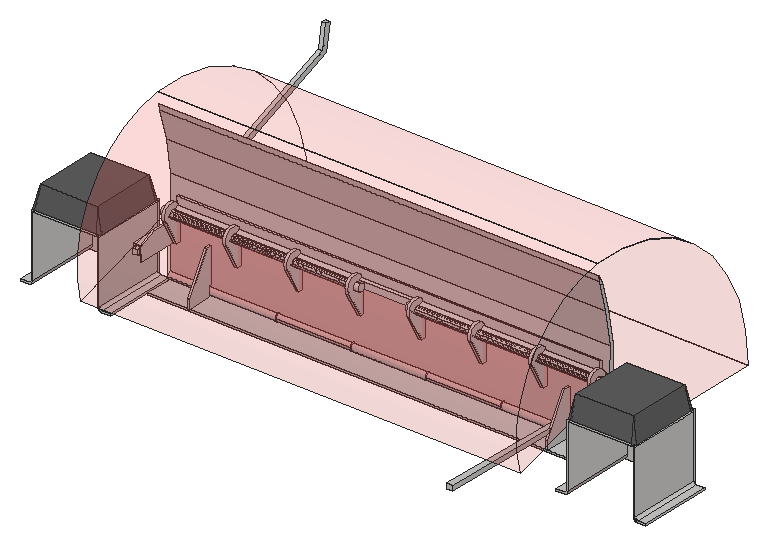
Revit family "Loading-Equipment_Dock-levellers_Wayne-Dalton_Edge-dock-leveler", category Specialty Equipment, host Face, Revit 2020
Family settings
  Host = Face
  Round Connector Dimension = Use Diameter
  Part Type = Normal
  OmniClass Number = 23.50.70.14.14
  Cut with Voids When Loaded = No
  Shared = No
  Room Calculation Point = No
Parameters (values of type "78in Wide – Extension Spring – Retractable Pole")
  Width = 6' - 6"
  URL = "https://www.wayne-dalton.com/"
  Top Plate Material = Metal - Wayne Dalton - Steel Checker Plate
  Shaft Angle Real [instance] = if(Shaft Angle < 0.00°, 0.00°, if(Shaft Angle > 90.00°, 90.00°, Shaft Angle))  # 0.00°
  Shaft Angle [instance] = 0.00°
  Product data url = "https://www.bimobject.com/en/wayne-dalton/product/edge-of-dock-leveler"
  Product Page URL = "https://www.wayne-dalton.com/dock-equipment/edge-of-dock"
  Product Guid = ""
  Pole Visibility [instance] = yes
  Mount Type [instance] = if(Mount < 2, "Embed", if(Mount = 2, "Formed angle", if(Mount = 3, "Face", "Transition plate")))  # "Face"
  Mount [instance] = 3  # constant formula
  Model = "Edge Dock E78WD"
  Manufacturer = "Wayne Dalton"  # constant formula
  Main Material = Metal - Wayne Dalton - Steel
  Lip Type [instance] = if(Lip < 2, "15in (box projection 16in)", "17in (box projection 18in)")  # "15in (box projection 16in)"
  Lip Angle [instance] = 0.00°
  Lip [instance] = 1
  Description = "Wayne Dalton DaltonDock™ Edge of Dock Leveler provides smooth, safe path for loading docks and trailers."  # constant formula
  Default Elevation = 4' - 0"
  Clearance [instance] = yes
  Capacity Type [instance] = if(Capacity < 2, "20k", if(Capacity = 2, "25k", "30k"))  # "20k"
  Capacity [instance] = 1
  C-chanel vis [instance] = if(Mount < 2, 1 < 2, 1 > 2)  # no
Types (4): name | Width | Model
  (no name) | 6' - 6" | "Edge Dock E78WD"
  66in Wide – Extension Spring – Retractable Pole | 5' - 6" | "Edge Dock E66WD"
  72in Wide – Extension Spring – Retractable Pole | 6' - 0" | "Edge Dock E72WD"
  78in Wide – Extension Spring – Retractable Pole | 6' - 6" | "Edge Dock E78WD"
Reference planes (in)
  plane 1 "Center (Front/Back)": y = 0
  plane 2: z = 0
  plane 3 "Center (Left/Right)": x = 0
  plane 4: x = -39
  plane 5: x = 39
  plane 6: x = -47.50001
  plane 7: x = 47.5
  plane 8: x = 55.50001
  plane 9: x = -55.5
  plane 10: x = -32
  plane 11: x = 32
  plane 12: x = -33.25
  plane 13: x = -19.95
  plane 14: x = -6.65
  plane 15: x = 6.65
  plane 16: x = 19.95
  plane 17: x = 33.25
  plane 18: z = 0.9375
  plane 19: y = -0.375
Forms (in)
  Extrusion 1, solid, material "Metal - Wayne Dalton - Steel" <- "Main Material", visible <- "C-chanel vis"
    sketch origin (0, 0, 0) x (0, 1, 0) y (0, 0, 1)
      loop
        line (0, 0) -> (-8.01385, 0) -> (-8.01385, -1.5)
        arc (-8.01385, -1.5) -> (-7.90361, -1.48024) -> (-7.84326, -1.38589) r 0.13978
        line (-7.84326, -1.38589) -> (-7.68903, -0.41067)
        arc (-7.68903, -0.41067) -> (-7.62464, -0.29564) -> (-7.50095, -0.25) r 0.19042
        line (-7.50095, -0.25) -> (-0.5129, -0.25)
        arc (-0.5129, -0.25) -> (-0.38922, -0.29564) -> (-0.32482, -0.41067) r 0.19042
        line (-0.32482, -0.41067) -> (-0.17059, -1.38589)
        arc (-0.17059, -1.38589) -> (-0.11024, -1.48024) -> (0, -1.5) r 0.13978
        line (0, -1.5) -> (0, 0)
    from -55.5 to 55.50001
  Extrusion 2, solid, material "Metal - Wayne Dalton - Steel" <- "Main Material"
    sketch origin (0, 0, 0) x (0, 1, 0) y (0, 0, 1)
      loop
        line (-0.25, 0.3125) -> (-5.5, 0.3125) -> (-5.5, 0) -> (-0.25, 0) -> (-0.25, 0.3125)
    from -39 to 39
  Extrusion 3, solid, material "Metal - Wayne Dalton - Steel" <- "Main Material"
    sketch origin (0, 0, 0) x (0, 1, 0) y (0, 0, 1)
      loop
        line (-0.75, 8.3125) -> (-1.75, 8.3125) -> (-5.5, 1.8125) -> (-5.5, 0.3125) -> (-1.125, 0.3125) -> (-1.125, 1.93734) -> (-1, 2.15401) -> (-0.75, 2.1875) -> (-0.75, 8.3125)
    from -32 to -31.625
  Extrusion 4, solid, material "Metal - Wayne Dalton - Steel" <- "Main Material"
    sketch origin (0, 0, 0) x (0, 1, 0) y (0, 0, -1)
      loop
        line (-0.75, -8.3125) -> (-0.75, -2.1875) -> (-1, -2.15401) -> (-1.125, -1.93734) -> (-1.125, -0.3125) -> (-5.5, -0.3125) -> (-5.5, -1.8125) -> (-1.75, -8.3125) -> (-0.75, -8.3125)
    from -32 to -31.625
  Extrusion 5, solid, material "Metal - Wayne Dalton - Steel" <- "Main Material"
    sketch origin (0, 0, 0) x (0, 1, 0) y (0, 0, 1)
      loop
        line (-26.23941, 3.63613) -> (-26.2541, 2.76126) -> (-2.17659, 2.35103) -> (-2.17659, 3.22729) -> (-26.23941, 3.63613)
    from 30.625 to 31.625
  Extrusion 6, solid, material "Metal - Wayne Dalton - Steel" <- "Main Material"
    sketch origin (0, 0, 0) x (0, 1, 0) y (0, 0, 1)
      loop
        circle (-0.375, 0.9375) r 0.62941
    from -39 to 39
  Extrusion 7, void
    sketch origin (0, 0, 0) x (1, 0, 0) y (0, 0, 1)
      loop
        line (-33.25, 0) -> (-19.95, 0) -> (-19.95, 2.84462) -> (-33.25, 2.84462) -> (-33.25, 0)
      loop
        line (-6.65, 0) -> (6.65, 0) -> (6.65, 2.84462) -> (-6.65, 2.84462) -> (-6.65, 0)
      loop
        line (19.95, 0) -> (33.25, 0) -> (33.25, 2.84462) -> (19.95, 2.84462) -> (19.95, 0)
    from -4.87956 to 8.01385
  Extrusion 8, solid, material "Clearance - Wayne Dalton - Red", visible <- "Clearance"
    sketch origin (0, 0, 0) x (0, 1, 0) y (0, 0, 1)
      loop
        line (-0.99096, 0.55272) -> (30.12015, 0.55272)
        arc (30.12015, 0.55272) -> (20.27848, 23.37712) -> (-3.28207, 31.29621) r 30.49758
        arc (-3.28207, 31.29621) -> (-17.86791, 22.358) -> (-20.39644, 5.43923) r 20.23892
        line (-20.39644, 5.43923) -> (-0.99096, 11.18739) -> (-0.99096, 0.55272)
    from -39 to 39
Cuts and joins
  Extrusion 7 cuts Extrusion 6
Lines and regions (in)
  Masking region 1, visible <- "C-chanel vis"
    outline origin (0, 0, 0) x (1, 0, 0) y (0, 0, 1)
      loop
        line (-55.5, 0) -> (-55.5, -1.5) -> (55.50001, -1.5) -> (55.50001, 0) -> (-55.5, 0)
  Masking region 2
    outline origin (0, 0, 0) x (1, 0, 0) y (0, 0, 1)
      loop
        line (39, 0.3125) -> (-39, 0.3125) -> (-39, 0) -> (39, 0) -> (39, 0.3125)
  Masking region 3
    outline origin (0, 0, 0) x (1, 0, 0) y (0, 0, 1)
      loop
        line (33.25, 1.4437) -> (33.25, 0.3125) -> (39, 0.3125) -> (39, 1.4437) -> (33.25, 1.4437)
      loop
        line (6.65, 1.4437) -> (6.65, 0.30809) -> (19.95, 0.30809) -> (19.95, 1.4437) -> (6.65, 1.4437)
      loop
        line (-19.95, 1.4437) -> (-19.95, 0.30809) -> (-6.65, 0.30809) -> (-6.65, 1.4437) -> (-19.95, 1.4437)
      loop
        line (-39, 1.4437) -> (-39, 0.30809) -> (-33.25, 0.30809) -> (-33.25, 1.4437) -> (-39, 1.4437)
  reference lines
    curve 1: line (0, -0.375, 0.9375) -> (0, -0.375, 18.9375)
Dimensions and locks (in)
  equal spacing: plane 4, plane 3 "Center (Left/Right)", plane 5
  "Width": plane 4 to plane 5
  plane 9 to plane 6 to plane 4 = 0' - 8" locked, 0' - 8 1/2" locked
  plane 5 to plane 7 to plane 8 = 0' - 8 1/2" locked, 0' - 8"
  locked: plane 4 to plane 10 at 7
  locked: plane 10 to Extrusion 3 at 0.375
  locked: plane 11 to Extrusion 4 at 0.375
  locked: plane 11 to plane 5 at 7
  locked: Extrusion 5 to plane 11 at 1.375
  locked: plane 17 to plane 5 at 5.75
  locked: plane 4 to plane 12 at 5.75
  equal spacing: plane 12, plane 13, plane 14, plane 15, plane 16, plane 17
  locked: plane 1 "Center (Front/Back)" to plane 19 at 0.375
  locked: plane 18 to level at 0.9375
  "Shaft Angle Real": angle plane 19 to curve 1
  aligned and locked: host face to plane 2
  aligned and locked: host face to level
  aligned and locked: plane 8 to Extrusion 1
  aligned and locked: plane 9 to Extrusion 1
  aligned and locked: Extrusion 2 to plane 4
  aligned and locked: plane 5 to Extrusion 2
  aligned and locked: Extrusion 5 to Extrusion 4
  aligned and locked: plane 10 to Extrusion 3
  aligned and locked: plane 11 to Extrusion 4
  aligned and locked: Extrusion 6 to plane 4
  aligned and locked: plane 5 to Extrusion 6
  aligned and locked: plane 12 to Extrusion 7 sketch curve
  aligned and locked: Extrusion 7 sketch curve to plane 13
  aligned and locked: plane 14 to Extrusion 7 sketch curve
  aligned and locked: Extrusion 7 sketch curve to plane 15
  aligned and locked: plane 16 to Extrusion 7 sketch curve
  aligned and locked: Extrusion 7 sketch curve to plane 17
  aligned and locked: plane 18 to curve 1
  aligned and locked: plane 19 to curve 1
  aligned and locked: nested 1 to curve 1
  aligned and locked: nested 2 to plane 6
  aligned and locked: nested 3 to plane 7
  aligned and locked: Extrusion 8 to plane 4
  aligned and locked: plane 5 to Extrusion 8
  aligned and locked: Masking region 1 sketch curve to Extrusion 1  (x4)
  aligned and locked: Masking region 2 sketch curve to Extrusion 2  (x2)
  aligned and locked: Extrusion 2 to Masking region 2 sketch curve
  aligned and locked: plane 5 to Masking region 2 sketch curve
  aligned and locked: nested 1 to Masking region 3 sketch curve  (x3)
  aligned and locked: Masking region 3 sketch curve to nested 1  (x3)
  aligned and locked: Masking region 3 sketch curve to Extrusion 2  (x2)
  aligned and locked: Masking region 3 sketch curve to plane 15
  aligned and locked: cut or joined group of Extrusion 6, Extrusion 7 to Masking region 3 sketch curve  (x3)
  aligned and locked: Masking region 3 sketch curve to plane 13
  aligned and locked: Masking region 3 sketch curve to Masking region 3 sketch curve
Automatic sketch dimensions
  host sketch curve to host sketch curve = 15' - 7.1098"
  host sketch curve to host sketch curve = 8' - 0"
  Extrusion 1 sketch curve to level = 0' - 0"
  Extrusion 1 sketch curve to plane 1 "Center (Front/Back)" = 0' - 0"
  plane 1 "Center (Front/Back)" to Extrusion 1 sketch curve = 0' - 0.03253"
  Extrusion 1 sketch curve to Extrusion 1 sketch curve = 0' - 0.13806"  (x2)
  plane 1 "Center (Front/Back)" to Extrusion 1 sketch curve = 0' - 0.32482"
  Extrusion 1 sketch curve to Extrusion 1 sketch curve = 0' - 0.18808"  (x2)
  Extrusion 1 sketch curve to level = 0' - 0.44042"
  Extrusion 1 sketch curve to Extrusion 1 sketch curve = 0' - 6.98806"
  Extrusion 1 sketch curve to level = 0' - 0.41067"
  Extrusion 1 sketch curve to level = 0' - 1.38589"
  Extrusion 1 sketch curve to Extrusion 1 sketch curve = 0' - 0.15423"
  Extrusion 1 sketch curve to Extrusion 1 sketch curve = 0' - 0.32482"
  Extrusion 1 sketch curve to Extrusion 1 sketch curve = 0' - 1.13589"
  Extrusion 1 sketch curve to Extrusion 1 sketch curve = 0' - 0.11411"  (x2)
  Extrusion 1 sketch curve to Extrusion 1 sketch curve = 0' - 0.19042"
  Extrusion 2 sketch curve to level = 0' - 0"
  level to Extrusion 2 sketch curve = 0' - 0 5/16"
  plane 1 "Center (Front/Back)" to Extrusion 2 sketch curve = 0' - 5 1/2"
  plane 1 "Center (Front/Back)" to Extrusion 2 sketch curve = 0' - 0 1/4"
  level to Extrusion 3 sketch curve = 0' - 0 5/16"
  plane 1 "Center (Front/Back)" to Extrusion 3 sketch curve = 0' - 5 1/2"
  plane 1 "Center (Front/Back)" to Extrusion 3 sketch curve = 0' - 1 3/4"
  plane 1 "Center (Front/Back)" to Extrusion 3 sketch curve = 0' - 1 1/8"
  Extrusion 3 sketch curve to Extrusion 3 sketch curve = 0' - 0 1/8"
  Extrusion 3 sketch curve to Extrusion 3 sketch curve = 0' - 0 1/4"
  Extrusion 3 sketch curve to Extrusion 3 sketch curve = 0' - 1 1/2"
  Extrusion 3 sketch curve to Extrusion 3 sketch curve = 0' - 1.62484"
  Extrusion 3 sketch curve to Extrusion 3 sketch curve = 0' - 0.21667"
  Extrusion 3 sketch curve to Extrusion 3 sketch curve = 0' - 0.03349"
  Extrusion 3 sketch curve to Extrusion 3 sketch curve = 0' - 6.15849"
  level to Extrusion 4 sketch curve = 0' - 0 5/16"
  plane 1 "Center (Front/Back)" to Extrusion 4 sketch curve = 0' - 5 1/2"
  plane 1 "Center (Front/Back)" to Extrusion 4 sketch curve = 0' - 1 3/4"
  plane 1 "Center (Front/Back)" to Extrusion 4 sketch curve = 0' - 1 1/8"
  Extrusion 4 sketch curve to Extrusion 4 sketch curve = 0' - 0 1/8"
  Extrusion 4 sketch curve to Extrusion 4 sketch curve = 0' - 0 1/4"
  Extrusion 4 sketch curve to Extrusion 4 sketch curve = 0' - 1 1/2"
  Extrusion 4 sketch curve to Extrusion 4 sketch curve = 0' - 1.62484"
  Extrusion 4 sketch curve to Extrusion 4 sketch curve = 0' - 0.21667"
  Extrusion 4 sketch curve to Extrusion 4 sketch curve = 0' - 0.03349"
  Extrusion 4 sketch curve to Extrusion 4 sketch curve = 0' - 6 1/8"
  level to Extrusion 5 sketch curve = 0' - 2.76126"
  plane 1 "Center (Front/Back)" to Extrusion 5 sketch curve = 2' - 2.2541"
  level to Extrusion 5 sketch curve = 0' - 3.63613"
  Extrusion 5 sketch curve to Extrusion 5 sketch curve = 0' - 0.01469"
  plane 1 "Center (Front/Back)" to Extrusion 5 sketch curve = 0' - 2.17659"
  level to Extrusion 5 sketch curve = 0' - 2.35103"
  Extrusion 5 sketch curve to Extrusion 5 sketch curve = 0' - 0.87627"
  plane 1 "Center (Front/Back)" to Extrusion 6 sketch curve = 0' - 0 3/8"
  level to Extrusion 6 sketch curve = 0' - 0 15/16"
  Extrusion 7 sketch curve to level = 0' - 0"  (x3)
  level to Extrusion 7 sketch curve = 0' - 2.84462"  (x2)
  Extrusion 7 sketch curve to Extrusion 7 sketch curve = 0' - 2.84462"
  Extrusion 8 sketch curve to plane 18 = 0' - 0"
  Extrusion 8 sketch curve to plane 19 = 0' - 0"
  plane 19 to Extrusion 8 sketch curve = 0' - 0.61596"
  Extrusion 8 sketch curve to Extrusion 8 sketch curve = 0' - 0"  (x2)
  plane 18 to Extrusion 8 sketch curve = 0' - 4.50173"
  plane 19 to Extrusion 8 sketch curve = 1' - 8.02144"
  plane 18 to Extrusion 8 sketch curve = 0' - 10.24989"
  plane 19 to Extrusion 8 sketch curve = 0' - 2.90707"
  Extrusion 8 sketch curve to plane 18 = 0' - 0.38478"
  level to Masking region 3 sketch curve = 0' - 0 5/16"
  level to Masking region 3 sketch curve = 0' - 0.30809"  (x2)
  radius of Extrusion 6 sketch curve = 0' - 0.62941"
Nested families (in)
  nested 1: "Shaft" at (0, -0.375, 0.9375) x (1, 0, 0) z (0, 1, 0), type "Shaft"
    with Real Lip Angle 0.00°, Lip Length 6' - 6", Lip Angle 0.00°
  nested 2: "Bumper Box" at (-47.50001, 0, 0) x (-1, 0, 0) z (0, 1, 0), type "Bumper Box"
  nested 3: "Bumper Box" at (47.5, 0, 0) x (-1, 0, 0) z (0, 1, 0), type "Bumper Box"
Definition of nested family "Shaft"
  Parameters (values of type "Shaft")
    Real Lip Angle = if(Lip Angle < 0.00°, 0.00°, if(Lip Angle > 100.00°, 100.00°, Lip Angle))  # 100.00°
    Pole Vis = yes
    Plate Material = none
    Lip Length = 5' - 6"
    Lip Angle = 100.00°
    Lip = 1
    Hinges Material = none
    Default Elevation = 4' - 0"
    17in = if(Lip < 2, 1 > 2, 1 < 2)  # no
  Reference planes (in)
    plane 1 "Center (Front/Back)": y = 0
    plane 2: z = 0
    plane 3 "Center (Left/Right)": x = 0
    plane 4: x = -33
    plane 5: x = 33
    plane 6: x = -27.25
    plane 7: x = 27.25
    plane 8: x = -16.35
    plane 9: x = -5.45
    plane 10: x = 5.45
    plane 11: x = 16.35
    plane 12: x = -32
    plane 13: x = 32
    plane 14: x = -22.85714
    plane 15: x = -13.71429
    plane 16: x = -4.57143
    plane 17: x = 4.57143
    plane 18: x = 13.71429
    plane 19: x = 22.85714
    plane 20: x = -3.07143
    plane 21: x = 3.57143
    plane 22: y = -11.01221
    plane 23: z = -1.6676
  Forms (in)
    Extrusion 1, void
      sketch origin (0, 0, 0) x (1, 0, 0) y (0, 1, 0)
        loop
          line (-33, 1.24372) -> (-33, -4.22798) -> (-27.25, -4.22798) -> (-27.25, 1.24372) -> (-33, 1.24372)
        loop
          line (-16.35, 1.24372) -> (-16.35, -3.7449) -> (-5.45, -3.7449) -> (-5.45, 1.24372) -> (-16.35, 1.24372)
        loop
          line (5.45, 1.24372) -> (5.45, -3.5889) -> (16.35, -3.5889) -> (16.35, 1.24372) -> (5.45, 1.24372)
        loop
          line (27.25, 1.24372) -> (27.25, -3.54878) -> (33, -3.54878) -> (33, 1.24372) -> (27.25, 1.24372)
      from -2.80431 to 2.84425
    Extrusion 2, solid, material <- "Hinges Material"
      sketch origin (0, 0, 0) x (0, 1, 0) y (0, 0, 1)
        loop
          circle (0, 0) r 0.6327
      from -33 to 33
    Extrusion 3, solid, material <- "Hinges Material"
      sketch origin (0, -0.76232, -1.05164) x (0, 1, 0) y (0, 0, 1)
        loop
          circle (-10.24989, -0.61596) r 0.63063
      from -33 to -3.07143
    Extrusion 4, solid, material <- "Plate Material"
      sketch origin (0, 0, 0) x (0, 1, 0) y (0, 0, 1)
        loop
          line (-0.5062, 0.38478) -> (-11.62469, 0.38478) -> (-11.62471, 0.00449) -> (-0.5062, 0.00449) -> (-0.5062, 0.38478)
      from -33 to 33
    Extrusion 5, solid, material <- "Hinges Material"
      sketch origin (0, 0, 0) x (0, 1, 0) y (0, 0, 1)
        loop
          line (-5.12488, 0.00848) -> (-8.87478, 0.00848) -> (-8.87503, -3.99028) -> (-7.47633, -6.9903) -> (-5.1253, -6.78476) -> (-5.12488, 0.00848)
      from -33 to -32.74901
    Extrusion 6, solid, material <- "Hinges Material"
      sketch origin (0, 0, 0) x (1, 0, 0) y (0, 1, 0)
        loop
          line (-33, -5.9198) -> (-34.25, -5.9198) -> (-34.25, -7.61259) -> (-33, -7.61259) -> (-33, -7.36259) -> (-34, -7.36259) -> (-34, -6.1698) -> (-33, -6.1698) -> (-33, -5.9198)
      from -6.64965 to 0
    Extrusion 7, solid, material <- "Hinges Material", visible <- "Pole Vis"
      sketch origin (0, 0, 0) x (0, 1, 0) y (0, 0, 1)
        loop
          line (-6.46213, 0.56914) -> (-19.99189, 34.73796) -> (-24.55226, 35.55474) -> (-24.70576, 34.68147) -> (-20.68064, 33.96055) -> (-7.3857, 0.38478) -> (-7.07884, -7.11747) -> (-6.14773, -7.11747) -> (-6.46213, 0.56914)
      from -34.03 to -33.28001
    Extrusion 8, solid, material <- "Hinges Material"
      sketch origin (0, 0, 0.32812) x (0, 1, 0) y (0, 0, 1)
        loop
          arc (-11.01221, -0.32791) -> (-12.62515, -2.42002) -> (-10.19154, -3.44766) r 1.66781
          line (-10.19154, -3.44766) -> (-5.76221, -0.94408) -> (-5.76221, -0.32791) -> (-11.01221, -0.32791)
      from -32 to -31.5
    Extrusion 9, solid, material <- "Hinges Material"
      sketch origin (9.14286, 0.00601, 0.32812) x (0, 1, 0) y (0, 0, 1)
        loop
          arc (-11.01221, -0.32791) -> (-12.62515, -2.42002) -> (-10.19154, -3.44766) r 1.66781
          line (-10.19154, -3.44766) -> (-5.76221, -0.94408) -> (-5.76221, -0.32791) -> (-11.01221, -0.32791)
      from -32 to -31.5
    Extrusion 10, solid, material <- "Hinges Material"
      sketch origin (18.28571, 0.00601, 0.32812) x (0, 1, 0) y (0, 0, 1)
        loop
          arc (-11.01221, -0.32791) -> (-12.62515, -2.42002) -> (-10.19154, -3.44766) r 1.66781
          line (-10.19154, -3.44766) -> (-5.76221, -0.94408) -> (-5.76221, -0.32791) -> (-11.01221, -0.32791)
      from -32 to -31.5
    Extrusion 11, solid, material <- "Hinges Material"
      sketch origin (27.42857, 0.00601, 0.32812) x (0, 1, 0) y (0, 0, 1)
        loop
          arc (-11.01221, -0.32791) -> (-12.62515, -2.42002) -> (-10.19154, -3.44766) r 1.66781
          line (-10.19154, -3.44766) -> (-5.76221, -0.94408) -> (-5.76221, -0.32791) -> (-11.01221, -0.32791)
      from -32 to -31.5
    Extrusion 12, solid, material <- "Hinges Material"
      sketch origin (36.57143, 0.00601, 0.32812) x (0, 1, 0) y (0, 0, 1)
        loop
          arc (-11.01221, -0.32791) -> (-12.62515, -2.42002) -> (-10.19154, -3.44766) r 1.66781
          line (-10.19154, -3.44766) -> (-5.76221, -0.94408) -> (-5.76221, -0.32791) -> (-11.01221, -0.32791)
      from -32 to -31.5
    Extrusion 13, solid, material <- "Hinges Material"
      sketch origin (45.71429, 0.00601, 0.32812) x (0, 1, 0) y (0, 0, 1)
        loop
          arc (-11.01221, -0.32791) -> (-12.62515, -2.42002) -> (-10.19154, -3.44766) r 1.66781
          line (-10.19154, -3.44766) -> (-5.76221, -0.94408) -> (-5.76221, -0.32791) -> (-11.01221, -0.32791)
      from -32 to -31.5
    Extrusion 14, solid, material <- "Hinges Material"
      sketch origin (54.85714, 0.00601, 0.32812) x (0, 1, 0) y (0, 0, 1)
        loop
          arc (-11.01221, -0.32791) -> (-12.62515, -2.42002) -> (-10.19154, -3.44766) r 1.66781
          line (-10.19154, -3.44766) -> (-5.76221, -0.94408) -> (-5.76221, -0.32791) -> (-11.01221, -0.32791)
      from -32 to -31.5
    Extrusion 15, solid, material <- "Hinges Material"
      sketch origin (63.5, 0.00601, 0.32812) x (0, 1, 0) y (0, 0, 1)
        loop
          arc (-11.01221, -0.32791) -> (-12.62515, -2.42002) -> (-10.19154, -3.44766) r 1.66781
          line (-10.19154, -3.44766) -> (-5.76221, -0.94408) -> (-5.76221, -0.32791) -> (-11.01221, -0.32791)
      from -32 to -31.5
    Extrusion 16, solid, material <- "Hinges Material"
      sketch origin (35.82143, -0.76232, -1.05164) x (0, 1, 0) y (0, 0, 1)
        loop
          circle (-10.24989, -0.61596) r 0.63063
      from -32.25 to -2.82143
  Cuts and joins
    Extrusion 1 cuts Extrusion 2
    Extrusion 1 cuts Extrusion 3
  Lines and regions (in)
    Masking region 1
      outline origin (0, 0, 0) x (1, 0, 0) y (0, 1, 0)
        loop
          line (-33, -0.5062) -> (-33, -11.62471) -> (33, -11.62471) -> (33, -0.5062) -> (27.25, -0.5062) -> (27.25, 0.6327) -> (16.35, 0.6327) -> (16.35, -0.5062) -> (5.45, -0.5062) -> (5.45, 0.6327) -> (-5.45, 0.6327) -> (-5.45, -0.5062) -> (-16.35, -0.5062) -> (-16.35, 0.6327) -> (-27.25, 0.6327) -> (-27.25, -0.5062) -> (-33, -0.5062)
    Masking region 2
      outline origin (0, 0, 0) x (1, 0, 0) y (0, 1, 0)
        loop
          line (-33, -5.9198) -> (-34.25, -5.9198) -> (-34.25, -7.61259) -> (-33, -7.61259) -> (-33, -7.36259) -> (-34, -7.36259) -> (-34, -6.1698) -> (-33, -6.1698) -> (-33, -5.9198)
    symbolic lines
      curve 1: line (-27.25, -0.5062, 0) -> (27.25, -0.5062, 0)
    reference lines
      curve 2: line (0, -11.01221, -1.6676) -> (0, -7.14854, -23.57957)
  Dimensions and locks (in)
    equal spacing: plane 4, plane 3 "Center (Left/Right)", plane 5
    "Lip Length": plane 4 to plane 5
    locked: plane 4 to plane 6 at 5.75
    locked: plane 7 to plane 5 at 5.75
    equal spacing: plane 6, plane 8, plane 9, plane 10, plane 11, plane 7
    locked: plane 4 to Extrusion 5 at 0.25099
    locked: Extrusion 6 sketch curve to plane 4 at 1.25
    locked: Extrusion 6 sketch curve to Extrusion 6 sketch curve at 0.25
    plane 4 to Extrusion 7 to Extrusion 7 = 0' - 0.28001" locked, 0' - 0 3/4" locked
    locked: plane 4 to plane 12 at 1
    locked: plane 13 to plane 5 at 1
    equal spacing: plane 12, plane 14, plane 15, plane 16, plane 17, plane 18, plane 19, plane 13
    locked: plane 12 to Extrusion 8 at 0.5
    locked: Extrusion 15 to plane 13 at 0.5
    locked: plane 19 to Extrusion 14 at 0.5
    locked: plane 18 to Extrusion 13 at 0.5
    locked: plane 17 to Extrusion 12 at 0.5
    locked: plane 16 to Extrusion 11 at 0.5
    locked: plane 15 to Extrusion 10 at 0.5
    locked: plane 14 to Extrusion 9 at 0.5
    locked: plane 16 to plane 20 at 1.5
    locked: plane 21 to plane 17 at 1
    "Real Lip Angle": angle curve 2 to plane 23
    aligned and locked: plane 2 to level
    aligned and locked: Extrusion 4 to plane 4
    aligned and locked: plane 5 to Extrusion 4
    aligned and locked: Extrusion 3 to plane 4
    aligned and locked: plane 5 to Extrusion 2
    aligned and locked: Extrusion 2 to plane 4
    aligned and locked: plane 4 to Extrusion 1 sketch curve
    aligned and locked: Extrusion 1 sketch curve to plane 6
    aligned and locked: plane 8 to Extrusion 1 sketch curve
    aligned and locked: Extrusion 1 sketch curve to plane 9
    aligned and locked: Extrusion 1 sketch curve to plane 5
    aligned and locked: plane 7 to Extrusion 1 sketch curve
    aligned and locked: Masking region 1 sketch curve to Extrusion 4  (x3)
    aligned and locked: cut or joined group of Extrusion 1, Extrusion 2 to Masking region 1 sketch curve  (x3)
    aligned and locked: Masking region 1 sketch curve to cut or joined group of Extrusion 1, Extrusion 2  (x3)
    aligned and locked: Extrusion 5 to plane 4
    aligned and locked: Extrusion 6 sketch curve to plane 4  (x2)
    aligned and locked: level to Extrusion 6
    aligned and locked: Masking region 2 sketch curve to Extrusion 6  (x8)
    aligned and locked: nested 1 to curve 2
    aligned and locked: Extrusion 8 to plane 12
    aligned and locked: Extrusion 9 to plane 14
    aligned and locked: Extrusion 10 to plane 15
    aligned and locked: Extrusion 11 to plane 16
    aligned and locked: Extrusion 12 to plane 17
    aligned and locked: Extrusion 13 to plane 18
    aligned and locked: Extrusion 14 to plane 19
    aligned and locked: plane 13 to Extrusion 15
    aligned and locked: Extrusion 3 to plane 20
    aligned and locked: plane 21 to Extrusion 16
    aligned and locked: plane 5 to Extrusion 16
    aligned and locked: plane 22 to curve 2
    aligned and locked: plane 23 to curve 2
  Automatic sketch dimensions
    Extrusion 2 sketch curve to level = 0' - 0"
    Extrusion 2 sketch curve to plane 1 "Center (Front/Back)" = 0' - 0"
    Extrusion 1 sketch curve to plane 10 = 0' - 0"
    Extrusion 1 sketch curve to plane 11 = 0' - 0"
    plane 1 "Center (Front/Back)" to Extrusion 1 sketch curve = 0' - 3.54878"
    plane 1 "Center (Front/Back)" to Extrusion 1 sketch curve = 0' - 4.22798"
    plane 1 "Center (Front/Back)" to Extrusion 1 sketch curve = 0' - 3.5889"
    plane 1 "Center (Front/Back)" to Extrusion 1 sketch curve = 0' - 3.7449"
    Extrusion 1 sketch curve to plane 1 "Center (Front/Back)" = 0' - 1.24372"  (x4)
    level to Extrusion 4 sketch curve = 0' - 0.00449"
    Extrusion 4 sketch curve to Extrusion 4 sketch curve = 0' - 0.00002"
    plane 1 "Center (Front/Back)" to Extrusion 4 sketch curve = 0' - 0.5062"
    level to Extrusion 4 sketch curve = 0' - 0.38478"
    Masking region 1 sketch curve to plane 1 "Center (Front/Back)" = 0' - 0.6327"  (x3)
    plane 1 "Center (Front/Back)" to Masking region 1 sketch curve = 0' - 0.5062"  (x3)
    curve 1 to plane 6 = 0' - 0"
    curve 1 to plane 7 = 0' - 0"
    plane 1 "Center (Front/Back)" to curve 1 = 0' - 0.5062"
    Extrusion 5 sketch curve to Extrusion 5 sketch curve = 0' - 2.35103"
    Extrusion 5 sketch curve to Extrusion 5 sketch curve = 0' - 0.20554"
    Extrusion 5 sketch curve to Extrusion 5 sketch curve = 0' - 3"
    level to Extrusion 5 sketch curve = 0' - 0.00848"
    Extrusion 5 sketch curve to Extrusion 5 sketch curve = 0' - 3.74991"
    Extrusion 6 sketch curve to Extrusion 6 sketch curve = 0' - 0 1/4"  (x2)
    Extrusion 6 sketch curve to Extrusion 6 sketch curve = 0' - 1.19279"
    Extrusion 7 sketch curve to Extrusion 7 sketch curve = 0' - 0.1535"
    Extrusion 7 sketch curve to Extrusion 7 sketch curve = 0' - 4.56036"
    level to Extrusion 7 sketch curve = 0' - 0.38478"
    level to Extrusion 7 sketch curve = 0' - 0.56914"
    Extrusion 7 sketch curve to Extrusion 7 sketch curve = 0' - 0.92357"
    Extrusion 7 sketch curve to Extrusion 7 sketch curve = 0' - 0.93111"
    level to Extrusion 7 sketch curve = 2' - 10.68147"
    Extrusion 7 sketch curve to Extrusion 7 sketch curve = 0' - 0.05649"
    Extrusion 7 sketch curve to Extrusion 7 sketch curve = 0' - 0.87327"
    Extrusion 7 sketch curve to Extrusion 7 sketch curve = 0' - 0.68875"
    Extrusion 7 sketch curve to Extrusion 7 sketch curve = 0' - 0.77741"
    level to Extrusion 8 sketch curve = 0' - 0.00021"
    level to Extrusion 9 sketch curve = 0' - 0.00021"
    Extrusion 9 sketch curve to level = 0' - 1.6676"
    level to Extrusion 10 sketch curve = 0' - 0.00021"
    Extrusion 10 sketch curve to level = 0' - 1.6676"
    level to Extrusion 11 sketch curve = 0' - 0.00021"
    Extrusion 11 sketch curve to level = 0' - 1.6676"
    level to Extrusion 12 sketch curve = 0' - 0.00021"
    Extrusion 12 sketch curve to level = 0' - 1.6676"
    level to Extrusion 13 sketch curve = 0' - 0.00021"
    Extrusion 13 sketch curve to level = 0' - 1.6676"
    level to Extrusion 14 sketch curve = 0' - 0.00021"
    Extrusion 14 sketch curve to level = 0' - 1.6676"
    level to Extrusion 15 sketch curve = 0' - 0.00021"
    Extrusion 15 sketch curve to level = 0' - 1.6676"
    plane 1 "Center (Front/Back)" to Extrusion 3 sketch curve = 0' - 11.01221"
    Extrusion 4 sketch curve to Extrusion 4 sketch curve = 0' - 11.11849"
    Masking region 1 sketch curve to Masking region 1 sketch curve = 0' - 11.11851"
    plane 1 "Center (Front/Back)" to Extrusion 5 sketch curve = 0' - 8.87503"
    Extrusion 5 sketch curve to Extrusion 5 sketch curve = 0' - 0.00025"
    Extrusion 5 sketch curve to Extrusion 5 sketch curve = 0' - 1.3987"
    plane 1 "Center (Front/Back)" to Extrusion 6 sketch curve = 0' - 7.61259"
    plane 1 "Center (Front/Back)" to Extrusion 7 sketch curve = 2' - 0.70576"
    plane 1 "Center (Front/Back)" to Extrusion 7 sketch curve = 0' - 7.3857"
    plane 1 "Center (Front/Back)" to Extrusion 7 sketch curve = 0' - 7.07884"
    plane 1 "Center (Front/Back)" to Extrusion 8 sketch curve = 0' - 11.01221"
    Extrusion 8 sketch curve to Extrusion 8 sketch curve = 0' - 4.42933"
    plane 1 "Center (Front/Back)" to Extrusion 9 sketch curve = 0' - 11.0062"
    Extrusion 9 sketch curve to Extrusion 9 sketch curve = 0' - 4.42933"
    plane 1 "Center (Front/Back)" to Extrusion 10 sketch curve = 0' - 11.0062"
    Extrusion 10 sketch curve to Extrusion 10 sketch curve = 0' - 4.42933"
    plane 1 "Center (Front/Back)" to Extrusion 11 sketch curve = 0' - 11.0062"
    Extrusion 11 sketch curve to Extrusion 11 sketch curve = 0' - 4.42933"
    plane 1 "Center (Front/Back)" to Extrusion 12 sketch curve = 0' - 11.0062"
    Extrusion 12 sketch curve to Extrusion 12 sketch curve = 0' - 4.42933"
    plane 1 "Center (Front/Back)" to Extrusion 13 sketch curve = 0' - 11.0062"
    Extrusion 13 sketch curve to Extrusion 13 sketch curve = 0' - 4.42933"
    plane 1 "Center (Front/Back)" to Extrusion 14 sketch curve = 0' - 11.0062"
    Extrusion 14 sketch curve to Extrusion 14 sketch curve = 0' - 4.42933"
    plane 1 "Center (Front/Back)" to Extrusion 15 sketch curve = 0' - 11.0062"
    Extrusion 15 sketch curve to Extrusion 15 sketch curve = 0' - 4.42933"
    plane 1 "Center (Front/Back)" to Extrusion 16 sketch curve = 0' - 11.01221"
    Extrusion 3 sketch curve to level = 0' - 1.6676"
    Extrusion 5 sketch curve to level = 0' - 3.99028"
    Extrusion 7 sketch curve to level = 0' - 7.11747"
    Extrusion 8 sketch curve to level = 0' - 3.11953"
    Extrusion 8 sketch curve to Extrusion 8 sketch curve = 0' - 0.82067"
    Extrusion 8 sketch curve to level = 0' - 0.61596"
    Extrusion 9 sketch curve to level = 0' - 3.11953"
    Extrusion 9 sketch curve to level = 0' - 0.61596"
    Extrusion 10 sketch curve to level = 0' - 3.11953"
    Extrusion 10 sketch curve to level = 0' - 0.61596"
    Extrusion 11 sketch curve to level = 0' - 3.11953"
    Extrusion 11 sketch curve to level = 0' - 0.61596"
    Extrusion 12 sketch curve to level = 0' - 3.11953"
    Extrusion 12 sketch curve to level = 0' - 0.61596"
    Extrusion 13 sketch curve to level = 0' - 3.11953"
    Extrusion 13 sketch curve to level = 0' - 0.61596"
    Extrusion 14 sketch curve to level = 0' - 3.11953"
    Extrusion 14 sketch curve to level = 0' - 0.61596"
    Extrusion 15 sketch curve to level = 0' - 3.11953"
    Extrusion 15 sketch curve to level = 0' - 0.61596"
    Extrusion 16 sketch curve to level = 0' - 1.6676"
    radius of Extrusion 2 sketch curve = 0' - 0.6327"
    radius of Extrusion 3 sketch curve = 0' - 0.63063"
    radius of Extrusion 16 sketch curve = 0' - 0.63063"
  Nested families (in)
    nested 1: "Lip" at (0, -11.14496, -0.91473) x (1, 0, 0) z (0, -0.9848, -0.1736), type "Lip"
  Definition of nested family "Lip"
    Parameters (values of type "Lip")
      Lip Material = none
      Lip Length = 5' - 6"
      Lip Depth = 1' 6 61/256" + if([17in], 0' 2", 0' 0")  # 1' - 6 61/256"
      Hinges Material = none
      Default Elevation = 4' - 0"
      17in = no
    Reference planes (in)
      plane 1 "Center (Front/Back)": y = 0
      plane 2: z = 0
      plane 3 "Center (Left/Right)": x = 0
      plane 4: x = -33
      plane 5: x = 33
      plane 6: x = -4.5
      plane 7: x = 4.5
      plane 8: y = -18.23828
      plane 9: y = -5.80759
      plane 10: x = -31.5
      plane 11: x = 31.5
      plane 12: x = 22.5
      plane 13: x = 13.5
      plane 14: x = 4.5
      plane 15: x = -4.5
      plane 16: x = -13.5
      plane 17: x = -22.5
      plane 18: y = -0.76449
    Forms (in)
      Extrusion 1, solid, material <- "Lip Material"
        sketch origin (0, 0, 1.05337) x (0, 1, 0) y (0, 0, 1)
          loop
            line (-1.4249, 0.99989) -> (-5.95878, 0.99969) -> (-12.01483, -0.07798) -> (-17.00139, -1.41444) -> (-18.12204, -2.06154) -> (-17.12967, -1.83683) -> (-11.83144, -0.41685) -> (-5.89999, 0.62895) -> (-1.4255, 0.51067) -> (-1.4249, 0.99989)
        from -33 to 33
      Extrusion 2, solid, material <- "Hinges Material"
        sketch origin (0, 0.11719, 1.05337) x (0, 1, 0) y (0, 0, 1)
          loop
            circle (-0.88168, -1.05337) r 0.63273
        from -31.5 to 31.5
      Extrusion 3, solid, material <- "Hinges Material"
        sketch origin (0, 0, 1.05337) x (0, 1, 0) y (0, 0, 1)
          loop
            line (-1.42535, 0.62933) -> (-3.11244, 0.62426) -> (-3.11094, 0.12426) -> (-1.61095, 0.12877) -> (-1.28099, -0.6879)
            arc (-1.28099, -0.6879) -> (-0.97154, -0.45548) -> (-0.58463, -0.44675) r 0.63273
            line (-0.58463, -0.44675) -> (-1.42535, 0.62933)
        from -31.5 to 31.5
      Extrusion 4, void
        sketch origin (0, 0, 0) x (1, 0, 0) y (0, 1, 0)
          loop
            line (-4.5, 1.24372) -> (-4.5, -1.4255) -> (4.5, -1.4255) -> (4.5, 1.24372) -> (-4.5, 1.24372)
        from -2.06154 to 2.84425
    Cuts and joins
      Extrusion 4 cuts Extrusion 2
      Extrusion 4 cuts Extrusion 3
      joined: Extrusion 2, Extrusion 3
    Lines and regions (in)
      Masking region 1
        outline origin (0, 0, 0) x (1, 0, 0) y (0, 1, 0)
          loop
            line (-33, 0.63273) -> (-33, -18.12204) -> (33, -18.12204) -> (33, 0.63273) -> (25.25679, 0.63273) -> (2.92515, 0.63273) -> (-25.31208, 0.63273) -> (-33, 0.63273)
      symbolic lines
        curve 1: line (-33, -1.30275, 0) -> (33, -1.30275, 0)
        curve 2: line (-33, -5.79173, 0) -> (33, -5.79173, 0)
        curve 3: line (33, -11.80274, 0) -> (-33, -11.80274, 0)
        curve 4: line (-33, -17.05231, 0) -> (33, -17.05231, 0)
    Dimensions and locks (in)
      equal spacing: plane 4, plane 3 "Center (Left/Right)", plane 5
      "Lip Length": plane 4 to plane 5
      "Lip Depth": plane 1 "Center (Front/Back)" to plane 8
      locked: plane 9 to plane 8 at 12.43069
      Extrusion 1 sketch curve to Extrusion 1 sketch curve to plane 8 = 0' - 4.98656", 0' - 1.23689"
      locked: plane 4 to plane 10 at 1.5
      locked: plane 11 to plane 5 at 1.5
      equal spacing: plane 10, plane 17, plane 16, plane 15, plane 14, plane 13, plane 12, plane 11
      locked: Extrusion 1 sketch curve to plane 1 "Center (Front/Back)" (angle 90.0025°)
      aligned and locked: plane 2 to level
      aligned and locked: plane 5 to Extrusion 1
      aligned and locked: Extrusion 1 to plane 4
      aligned and locked: plane 6 to Extrusion 4 sketch curve
      aligned and locked: Extrusion 4 sketch curve to plane 7
      aligned and locked: Masking region 1 sketch curve to Extrusion 1  (x3)
      aligned and locked: Masking region 1 sketch curve to Masking region 1 sketch curve  (x2)
      aligned and locked: cut or joined group of Extrusion 2, Extrusion 3, Extrusion 4 to plane 10  (x2)
      aligned and locked: plane 11 to cut or joined group of Extrusion 2, Extrusion 3, Extrusion 4  (x2)
      aligned and locked: plane 6 to plane 15
      aligned and locked: plane 7 to plane 14
    Automatic sketch dimensions
      Extrusion 2 sketch curve to level = 0' - 0"
      plane 1 "Center (Front/Back)" to Extrusion 2 sketch curve = 0' - 0.76449"
      Masking region 1 sketch curve to plane 1 "Center (Front/Back)" = 0' - 0.63273"
      curve 4 to plane 4 = 0' - 0"
      curve 2 to plane 4 = 0' - 0"
      curve 3 to plane 4 = 0' - 0"
      curve 1 to plane 4 = 0' - 0"
      curve 3 to plane 5 = 0' - 0"
      curve 2 to plane 5 = 0' - 0"
      curve 4 to plane 5 = 0' - 0"
      curve 1 to plane 5 = 0' - 0"
      plane 1 "Center (Front/Back)" to curve 4 = 1' - 5.05231"
      curve 4 to curve 3 = 0' - 5.24958"
      plane 1 "Center (Front/Back)" to curve 2 = 0' - 5.79173"
      plane 1 "Center (Front/Back)" to curve 1 = 0' - 1.30275"
      Extrusion 1 sketch curve to Extrusion 1 sketch curve = 0' - 0.12828"
      plane 8 to Extrusion 1 sketch curve = 0' - 0.11624"
      level to Extrusion 1 sketch curve = 0' - 0.63651"
      Extrusion 1 sketch curve to Extrusion 1 sketch curve = 0' - 0.18339"
      plane 9 to Extrusion 1 sketch curve = 0' - 0.15118"
      plane 9 to Extrusion 1 sketch curve = 0' - 0.0924"
      level to Extrusion 1 sketch curve = 0' - 1.56404"
      plane 1 "Center (Front/Back)" to Extrusion 1 sketch curve = 0' - 1.4255"
      Extrusion 1 sketch curve to Extrusion 1 sketch curve = 0' - 0.0006"
      Extrusion 1 sketch curve to level = 0' - 0.36107"
      Extrusion 1 sketch curve to Extrusion 1 sketch curve = 0' - 0.42239"
      Extrusion 1 sketch curve to Extrusion 1 sketch curve = 0' - 0.22471"
      level to Extrusion 1 sketch curve = 0' - 0.97539"
      level to Extrusion 1 sketch curve = 0' - 1.68232"
      Extrusion 1 sketch curve to Extrusion 1 sketch curve = 0' - 0.37075"
      level to Extrusion 3 sketch curve = 0' - 1.18214"
      level to Extrusion 3 sketch curve = 0' - 1.17763"
      level to Extrusion 3 sketch curve = 0' - 1.67763"
      level to Extrusion 3 sketch curve = 0' - 1.6827"
      Extrusion 3 sketch curve to Extrusion 3 sketch curve = 0' - 0.18559"
      level to Extrusion 3 sketch curve = 0' - 0.36547"
      Extrusion 3 sketch curve to Extrusion 3 sketch curve = 0' - 0.32996"
      level to Extrusion 3 sketch curve = 0' - 0.60662"
      Extrusion 3 sketch curve to Extrusion 3 sketch curve = 0' - 0.5165"
      Extrusion 3 sketch curve to Extrusion 3 sketch curve = 0' - 0.36547"
      plane 1 "Center (Front/Back)" to Extrusion 3 sketch curve = 0' - 0.58463"
      plane 1 "Center (Front/Back)" to Extrusion 4 sketch curve = 0' - 1.4255"
      Extrusion 4 sketch curve to plane 1 "Center (Front/Back)" = 0' - 1.24372"
      Masking region 1 sketch curve to plane 7 = 0' - 1.57485"
      Masking region 1 sketch curve to plane 17 = 0' - 2.81208"
      plane 12 to Masking region 1 sketch curve = 0' - 2.75679"
      radius of Extrusion 2 sketch curve = 0' - 0.63273"
Definition of nested family "Bumper Box"
  Parameters (values of type "Bumper Box")
    Ruber Material = none
    Metal Material = none
    Top Plate Material = none
    Lip = 1
    Default Elevation = 0' - 0"
    Bumper Box Length = if(Lip < 2, 1' 4", 1' 6")  # 1' - 4"
  Reference planes (in)
    plane 1 "Center (Front/Back)": y = 0
    plane 2: z = 0
    plane 3 "Center (Left/Right)": x = 0
    plane 4: y = -10.24989
    plane 5: y = -16
    plane 6: y = -12.00009
  Forms (in)
    Extrusion 1, solid, material <- "Metal Material"
      sketch origin (0, 0, 0) x (1, 0, 0) y (0, 1, 0)
        loop
          line (-8.11731, -0.00036) -> (-8.11731, -0.25035) -> (-6.61745, -0.25037)
          arc (-6.61745, -0.25037) -> (-6.2639, -0.39681) -> (-6.11745, -0.75037) r 0.5
          line (-6.11745, -0.75037) -> (-6.11745, -11.75009)
          arc (-6.11745, -11.75009) -> (-6.04423, -11.92686) -> (-5.86745, -12.00009) r 0.25
          line (-5.86745, -12.00009) -> (5.63225, -12.00009)
          arc (5.63225, -12.00009) -> (5.80903, -11.92686) -> (5.88225, -11.75009) r 0.25
          line (5.88225, -11.75009) -> (5.88225, -0.7505)
          arc (5.88225, -0.7505) -> (6.0287, -0.39695) -> (6.38225, -0.2505) r 0.5
          line (6.38225, -0.2505) -> (7.8823, -0.2505) -> (7.8823, -0.00051) -> (6.38234, -0.0005)
          arc (6.38234, -0.0005) -> (5.85192, -0.22017) -> (5.63225, -0.7505) r 0.75
          line (5.63225, -0.7505) -> (5.63225, -11.75009) -> (-5.86745, -11.75009) -> (-5.86745, -0.75037)
          arc (-5.86745, -0.75037) -> (-6.08605, -0.22111) -> (-6.61441, -0.00037) r 0.75
          line (-6.61441, -0.00037) -> (-8.11731, -0.00036)
      from -0.31487 to -13.32122
    Extrusion 2, solid, material <- "Top Plate Material"
      sketch origin (0, 0, 0) x (0, 1, 0) y (0, 0, 1)
        loop
          line (-0.00051, -0.31487) -> (-0.00051, -0.0626) -> (-12.00009, -0.0626) -> (-12.00009, -0.31487) -> (-0.00051, -0.31487)
      from -6.11745 to 5.88229
    Blend 3, solid, material <- "Ruber Material"
      base sketch origin (0, 0, 0) x (1, 0, 0) y (0, 0, 1)
        loop
          line (5.38224, -0.31249) -> (-5.61747, -0.31249)
          arc (-5.61747, -0.31249) -> (-5.97102, -0.45894) -> (-6.11747, -0.81249) r 0.5
          line (-6.11747, -0.81249) -> (-6.11747, -12.81217)
          arc (-6.11747, -12.81217) -> (-5.97102, -13.16573) -> (-5.61747, -13.31217) r 0.5
          line (-5.61747, -13.31217) -> (5.31564, -13.31217)
          arc (5.31564, -13.31217) -> (5.71628, -13.14622) -> (5.88224, -12.74558) r 0.5666
          line (5.88224, -12.74558) -> (5.88224, -0.81249)
          arc (5.88224, -0.81249) -> (5.73579, -0.45894) -> (5.38224, -0.31249) r 0.5
      top sketch origin (0, 0, 0) x (1, 0, 0) y (0, 0, 1)
        loop
          line (-5.25638, -1.16884) -> (-5.25638, -12.45109) -> (5.02588, -12.45109) -> (5.02588, -1.16884) -> (-5.25638, -1.16884)
      from 12.00009 to 16
  Lines and regions (in)
    Masking region 1
      outline origin (0, 0, 0) x (1, 0, 0) y (0, 1, 0)
        loop
          line (7.8823, -0.00051) -> (-8.11731, -0.00036) -> (-8.11731, -0.25035) -> (-6.61745, -0.25037)
          arc (-6.61745, -0.25037) -> (-6.2639, -0.39681) -> (-6.11745, -0.75037) r 0.5
          line (-6.11745, -0.75037) -> (-6.11745, -12.00016) -> (-5.25638, -16) -> (5.02588, -16) -> (5.88229, -11.99982) -> (5.88229, -0.74397)
          arc (5.88229, -0.74397) -> (6.03102, -0.39465) -> (6.38225, -0.2505) r 0.5
          line (6.38225, -0.2505) -> (7.8823, -0.2505) -> (7.8823, -0.00051)
    symbolic lines
      curve 1: line (-6.11745, -12.00016, 0) -> (5.88255, -12.00016, 0)
      curve 2: line (-6.61745, -0.25037, 0) -> (6.38225, -0.2505, 0)
  Dimensions and locks (in)
    "Bumper Box Length": plane 5 to plane 1 "Center (Front/Back)"
    locked: plane 5 to plane 6 at 3.99991
    aligned and locked: plane 2 to level
    aligned and locked: Masking region 1 sketch curve to Extrusion 1  (x4)
    aligned and locked: Extrusion 2 to Masking region 1 sketch curve
    aligned and locked: Masking region 1 sketch curve to Blend 3
    aligned and locked: Blend 3 to plane 5
    aligned and locked: Blend 3 to plane 6
  Automatic sketch dimensions
    Extrusion 1 sketch curve to Extrusion 1 sketch curve = 0' - 0"  (x9)
    plane 6 to Extrusion 1 sketch curve = 0' - 0"
    plane 1 "Center (Front/Back)" to Extrusion 1 sketch curve = 0' - 0.25035"
    Extrusion 1 sketch curve to plane 3 "Center (Left/Right)" = 0' - 8.11731"
    plane 1 "Center (Front/Back)" to Extrusion 1 sketch curve = 0' - 0.00036"
    plane 1 "Center (Front/Back)" to Extrusion 1 sketch curve = 0' - 0.75037"
    Extrusion 1 sketch curve to Extrusion 1 sketch curve = 0' - 1.49986"
    Extrusion 1 sketch curve to Extrusion 1 sketch curve = 0' - 0.00303"
    Extrusion 1 sketch curve to plane 6 = 0' - 0 1/4"
    plane 3 "Center (Left/Right)" to Extrusion 1 sketch curve = 0' - 5.63225"
    Extrusion 1 sketch curve to Extrusion 1 sketch curve = 0' - 0 1/4"
    plane 1 "Center (Front/Back)" to Extrusion 1 sketch curve = 0' - 0.2505"
    Extrusion 1 sketch curve to Extrusion 1 sketch curve = 0' - 0 1/2"
    Extrusion 1 sketch curve to Extrusion 1 sketch curve = 0' - 1.50004"
    plane 1 "Center (Front/Back)" to Extrusion 1 sketch curve = 0' - 0.00051"
    Extrusion 1 sketch curve to Extrusion 1 sketch curve = 0' - 0.00008"
    Extrusion 2 sketch curve to plane 6 = 0' - 0"
    plane 1 "Center (Front/Back)" to Extrusion 2 sketch curve = 0' - 0.00051"
    Extrusion 2 sketch curve to level = 0' - 0.31487"
    Extrusion 2 sketch curve to level = 0' - 0.0626"
    Blend 3 sketch curve to plane 3 "Center (Left/Right)" = 0' - 6.11747"
    Blend 3 sketch curve to level = 0' - 0 5/16"
    Blend 3 sketch curve to Blend 3 sketch curve = 0' - 0 1/2"  (x2)
    plane 3 "Center (Left/Right)" to Blend 3 sketch curve = 0' - 5.31564"
    Blend 3 sketch curve to level = 0' - 0 13/16"
    plane 3 "Center (Left/Right)" to Blend 3 sketch curve = 0' - 5.38224"
    Blend 3 sketch curve to Blend 3 sketch curve = 0' - 11.93308"
    Blend 3 sketch curve to plane 3 "Center (Left/Right)" = 0' - 5.25638"
    plane 3 "Center (Left/Right)" to Blend 3 sketch curve = 0' - 5.02588"
    Blend 3 sketch curve to level = 1' - 0.45109"
    Blend 3 sketch curve to level = 0' - 1.16884"
    Masking region 1 sketch curve to plane 6 = 0' - 0.00027"
    Masking region 1 sketch curve to Masking region 1 sketch curve = 0' - 1.49985"
    Masking region 1 sketch curve to Masking region 1 sketch curve = 0' - 0"
    Masking region 1 sketch curve to Masking region 1 sketch curve = 0' - 0.86107"
    plane 6 to Masking region 1 sketch curve = 0' - 0.00007"
    Masking region 1 sketch curve to Masking region 1 sketch curve = 0' - 0.85641"
    plane 1 "Center (Front/Back)" to curve 2 = 0' - 0.25037"
    curve 2 to plane 3 "Center (Left/Right)" = 0' - 6.61745"
    plane 6 to curve 1 = 0' - 0.00007"
    curve 1 to plane 3 "Center (Left/Right)" = 0' - 6.11745"
    plane 3 "Center (Left/Right)" to curve 1 = 0' - 5.88255"
    plane 1 "Center (Front/Back)" to curve 2 = 0' - 0.2505"
    plane 3 "Center (Left/Right)" to curve 2 = 0' - 6.38225"
